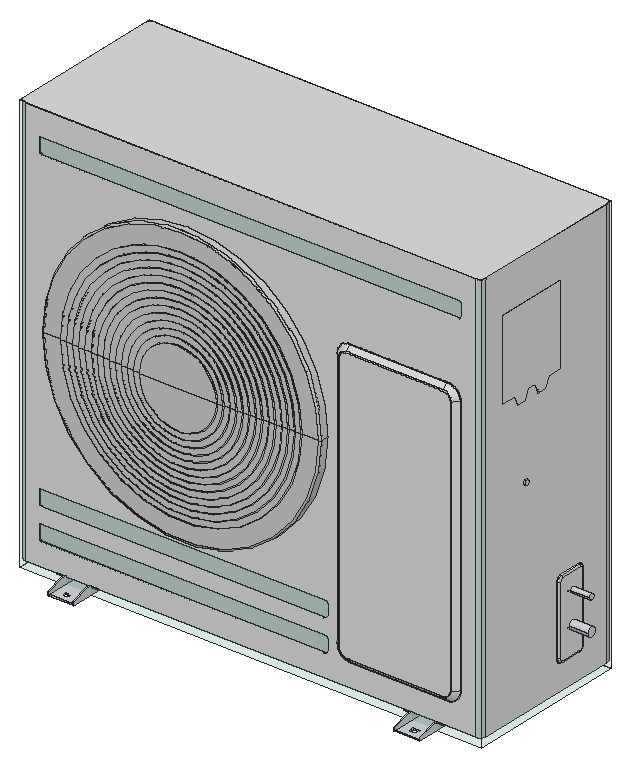
Revit family "EU_EHS_ODU_P", category Mechanical Equipment, Revit 2015
Parameters (values of type "8.00 kW, 220-240V, HEAT PUMP, TDM")
  Water Flow Rate(HEATING) [instance] = "0.00 LPM"
  Water Flow Rate(COOLING) [instance] = "0.00 LPM"
  Water Connection Radius [instance] = "0.00 mm"
  Model = "RD080PHXEA"
  Voltage [instance] = "220-240 V"
  URL = "www.samsung.com"
  Total Heating Capacity [instance] = 6.98 kW
  Total Cooling Capacity [instance] = 7.53 kW
  System Served = ""
  Subscribe for Update Alerts = ""
  Sound Pressure(Cooling) [instance] = "50.00 dB(A)"
  Sound Power(Cooling) [instance] = "64.00 dB(A)"
  Simultaneous Cooling and Heating Efficiency(SCOP) [instance] = "0.00 SCOP"
  Serial Number = ""
  Sales Rep Locator = ""
  Refrigerant Type = "R410A"
  Refrigerant Suction Gas Connection Radius [instance] = Refrigerant Suction Gas Connection Diameter / 2  # 7.94 mm
  Refrigerant Suction Gas Connection Offset Left [instance] = 208.678 mm
  Refrigerant Suction Gas Connection Offset Bottom [instance] = 121.50 mm
  Refrigerant Suction Gas Connection Diameter [instance] = 15.88 mm
  Refrigerant Liquid Connection Radius [instance] = Refrigerant Liquid Connection Diameter / 2  # 4.76 mm
  Refrigerant Liquid Connection Offset Left [instance] = 208.678 mm
  Refrigerant Liquid Connection Offset Bottom [instance] = 181.50 mm
  Refrigerant Liquid Connection Diameter [instance] = 9.52 mm
  Refrigerant Charge [instance] = 2.20 kg
  Product Page URL = ""
  Product Name [instance] = "EHS TDM"
  Product Documentation Link = ""
  Power Input Heationg [instance] = 1.97 kW
  Power Input Cooling [instance] = 2.57 kW
  Phase [instance] = "1"
  Operating Mode [instance] = "HEAT PUMP (A2W)"
  Number of poles [instance] = "-"
  Notes = ""
  Net Weight = 71.00 kg
  Minimum Circuit Ampere(MCA) [instance] = 22.5 A
  Maximum Vertical Refrigerant Pipe Length Below Unit [instance] = "0.00 m"
  Maximum Vertical Refrigerant Pipe Length Above Unit [instance] = "0.00 m"
  Maximum Rated Over Protection Device [instance] = "Fuse"
  Maximum Over Protection(MFA) [instance] = 18 A
  Max OperationPressure [instance] = "0.00 Mpa"
  Manufacturer Metadata = ""
  Manufacturer = "SAMSUNG"
  Low Temperature Heating Standard Rating Capacity [instance] = 0.0 kW
  Low Temperature Coefficient of Performance [instance] = "-"
  Location = ""
  Length of Interconnecting Refrigerant Pipe [instance] = 0.00 mm
  Integrated Energy Efficiency Ratio(SEER) [instance] = "0.00 SEER"
  High and Low Pressure Gas Connection Offset Left [instance] = 0.00 mm
  High and Low Pressure Gas Connection Offset Bottom [instance] = 0.00 mm
  High and Low Pressure Gas Connection Diameter [instance] = 0.00 mm
  High Temperature Cooling Standard Rating Capacity [instance] = 0.0 kW
  High Temperature Coefficient of Performance [instance] = "-"
  Friction Head Loss [instance] = "0.00 kPa"
  Frequency [instance] = 50 Hz
  Free Content Downloads = ""
  Family Load Status [instance] = "Valid - Type loaded via type catalog"
  External Static Pressure [instance] = "0.00 mmAq"
  Equipment Finish [instance] = Ivory
  Energy Efficiency Rating [instance] = "3.12 EER"
  Discharge Air Flow [instance] = "0300 CMM"
  Designation = ""
  Design Ambient Winter Wet Bulb Temperature [instance] = 6 °C
  Design Ambient Winter Dry Bulb Temperature [instance] = 7 °C
  Design Ambient Summer Dry Bulb Temperature [instance] = 35 °C
  Design Ambient Heating Water Outlet Temperature [instance] = "0.00 ℃"
  Design Ambient Heating Water Inlet Temperature [instance] = "0.00 ℃"
  Design Ambient Cooling Water Outlet Temperature [instance] = "0.00 ℃"
  Design Ambient Cooling Water Inlet Temperature [instance] = "0.00 ℃"
  Current Input Cooling [instance] = 8.7 A
  Current Input Heating [instance] = 11.4 A
  ect radius_1 = 11.43 mm
  ect radius_2 = 2.00 mm
  Void Depth = 45.72 mm
  Net Dimensions Width [instance] = 880.00 mm
  Net Dimensions Heigh [instance] = 798.00 mm
  Net Dimensions Depth [instance] = 310.00 mm
  Power Connection Offset Left [instance] = 101.01 mm
  Power Connection Offset Bottom [instance] = 410.93 mm
  Power Connection Diameter [instance] = 7.413 mm
  Condenser Type [instance] = ""
  Compressor Type [instance] = "BLDC Twin Rotary"
  Combination Ratio [instance] = "0 %"
  Coefficient of Performance [instance] = "4.05 COP"
  Clearance Value Instructions [instance] = "Enter clearance values based on project installation conditions using the relevant technical data book\r\nEnter clearance values based on project installation conditions using the relevant technical data book"
  Clearance Type [instance] = Include Clearance : Include Clearance
  Clearance Offset Top [instance] = 0.00 mm
  Clearance Offset Right [instance] = 0.00 mm
  Clearance Offset Left [instance] = 0.00 mm
  Clearance Offset Front [instance] = 0.00 mm
  Clearance Offset Back [instance] = 0.00 mm
  Actual Vertical Refrigerant Pipe Length Below Unit [instance] = 0.00 mm
  Actual Vertical Refrigerant Pipe Length Above Unit [instance] = 0.00 mm
Types (6, lengths in mm): name | Model | Total Heating Capacity | Total Cooling Capacity | Sound Pressure(Cooling) | Sound Power(Cooling) | Refrigerant Charge | Product Name | Power Input Heationg | Power Input Cooling | Net Weight | Minimum Circuit Ampere(MCA) | Maximum Over Protection(MFA) | Energy Efficiency Rating | Discharge Air Flow | Current Input Cooling | Current Input Heating | Coefficient of Performance | Clearance Type
  (no name) | "RD080PHXEA" | 6.98 kW | 7.53 kW | "50.00 dB(A)" | "64.00 dB(A)" | 2.20 kg | "EHS TDM" | 1.97 kW | 2.57 kW | 71.00 kg | 22.5 A | 18 A | "3.12 EER" | "0300 CMM" | 8.7 A | 11.4 A | "4.05 COP" | Include Clearance : Include Clearance
  4.40 kW, 220-240V, HEAT PUMP, TDM PLUS | "AE044MXTPEH/EU" | 4.4 kW | 5.1 kW | "46.00 dB(A)" | "65.00 dB(A)" | 2.60 kg | "EHS TDM PLUS" | 0.93 kW | 1.03 kW | 53.00 kg | 18 A | 25 A | "3.40 EER" | "45.00 CMM" | 4.3 A | 4.9 A | "3.45 COP" | Include Clearance : Include Clearance
  5.00 kW, 220-240V, HEAT PUMP, MONO | "AE050JXYDEH/EU" | 5.0 kW | 5.0 kW | "45.00 dB(A)" | "62.00 dB(A)" | 1.15 kg | "EHS MONO" | 1.06 kW | 1.21 kW | 59.00 kg | 20 A | 25 A | "4.13 EER" | "51.00 CMM" | 5.1 A | 5.7 A | "4.72 COP" | Do not Include Clearance : Do not Include Clearance
  6.00 kW, 220-240V, HEAT PUMP, TDM | "RD060PHXEA" | 5.99 kW | 7.02 kW | "48.00 dB(A)" | "60.00 dB(A)" | 2.20 kg | "EHS TDM" | 1.36 kW | 1.99 kW | 71.00 kg | 16.88 A | 13.5 A | "3.53 EER" | "0300 CMM" | 6 A | 8.8 A | "4.40 COP" | Include Clearance : Include Clearance
  7.00 kW, 220-240V, HEAT PUMP, TDM | "RD070PHXEA" | 6.98 kW | 7.53 kW | "48.00 dB(A)" | "61.00 dB(A)" | 2.20 kg | "EHS TDM" | 1.64 kW | 2.24 kW | 71.00 kg | 20 A | 16 A | "3.36 EER" | "0300 CMM" | 7.5 A | 10.3 A | "4.26 COP" | Include Clearance : Include Clearance
  8.00 kW, 220-240V, HEAT PUMP, TDM | "RD080PHXEA" | 6.98 kW | 7.53 kW | "50.00 dB(A)" | "64.00 dB(A)" | 2.20 kg | "EHS TDM" | 1.97 kW | 2.57 kW | 71.00 kg | 22.5 A | 18 A | "3.12 EER" | "0300 CMM" | 8.7 A | 11.4 A | "4.05 COP" | Include Clearance : Include Clearance
Reference planes
  plane 1 "Center (Front/Back)": y = 0
  plane 2: z = 0
  plane 3 "Center (Left/Right)": x = 0
  plane 4 "c": x = -440
  plane 5 "d": x = 440
  plane 6: x = -329.514
  plane 7: x = 330.712
  plane 8 "1": z = 428.174
  plane 9: x = -119.774
  plane 10: y = 54.771
  plane 11 "2": z = 181.5
  plane 12 "3": z = 121.5
  plane 13: z = 410.933
  plane 14 "b": y = -155
  plane 15 "a": y = 155
  plane 16: z = 798
  plane 17: y = -199.628
  plane 18: y = -153.908
  plane 19: z = 410.93
  plane 20: x = 541.01
  plane 21: z = 410.93
Forms (mm)
  Extrusion 1, solid, material "기본값1"
    sketch origin (0, 0, 0) x (1, 0, 0) y (0, 1, 0)
      loop
        arc (-428.57, 155) -> (-436.652, 151.652) -> (-440, 143.57) r 11.43
        line (-440, 143.57) -> (-440, -143.57)
        arc (-440, -143.57) -> (-436.652, -151.652) -> (-428.57, -155) r 11.43
        line (-428.57, -155) -> (428.584, -155)
        arc (428.584, -155) -> (436.463, -151.851) -> (440, -144.138) r 11.43
        line (440, -144.138) -> (440, 142.435)
        arc (440, 142.435) -> (437.101, 151.24) -> (428.626, 155) r 11.43
        line (428.626, 155) -> (-428.57, 155)
    from 15.6 to 798
  Extrusion 2, solid
    sketch origin (0, 0, 0) x (1, 0, 0) y (0, 1, 0)
      loop
        line (-353.357, 175.965) -> (-353.357, -195.036) -> (-306.747, -195.036) -> (-306.747, 175.965) -> (-353.357, 175.965)
      loop
        line (353.479, 175.965) -> (306.868, 175.965) -> (306.868, -195.036) -> (353.479, -195.036) -> (353.479, 175.965)
    from 0 to 2
  Extrusion 3, solid
    sketch origin (0, 0, 0) x (1, 0, 0) y (0, 0, 1)
      loop
        line (-369.294, 15.6) -> (-369.294, 14) -> (-355.104, 14) -> (-355.104, 15.6) -> (-369.294, 15.6)
      loop
        line (-290.81, 15.6) -> (-305, 15.6) -> (-305, 14) -> (-290.81, 14) -> (-290.81, 15.6)
      loop
        line (290.932, 15.6) -> (290.932, 14) -> (305.121, 14) -> (305.121, 15.6) -> (290.932, 15.6)
      loop
        line (369.416, 15.6) -> (355.226, 15.6) -> (355.226, 14) -> (369.416, 14) -> (369.416, 15.6)
    from -155 to 155
  Extrusion 4, solid
    sketch origin (0, 0, 0) x (0, 1, 0) y (0, 0, 1)
      loop
        line (-195.036, 5) -> (-195.036, 0) -> (177.021, 0) -> (177.021, 4.931) -> (142.88, 15.6) -> (-161.116, 15.6) -> (-195.036, 5)
    from 353.479 to 355.226
  Extrusion 5, solid
    sketch origin (-48.357, 0.079, 0) x (0, 1, 0) y (0, 0, 1)
      loop
        line (-195.036, 5) -> (-195.036, 0) -> (177.021, 0) -> (177.021, 4.931) -> (142.88, 15.6) -> (-161.116, 15.6) -> (-195.036, 5)
    from 353.479 to 355.226
  Extrusion 6, solid
    sketch origin (0.121, 0, 0) x (0, 1, 0) y (0, 0, -1)
      loop
        line (-195.036, -5) -> (-161.116, -15.6) -> (142.88, -15.6) -> (177.021, -4.931) -> (177.021, 0) -> (-195.036, 0) -> (-195.036, -5)
    from 353.479 to 355.226
  Extrusion 7, solid
    sketch origin (48.479, 0.079, 0) x (0, 1, 0) y (0, 0, -1)
      loop
        line (-195.036, -5) -> (-161.116, -15.6) -> (142.88, -15.6) -> (177.021, -4.931) -> (177.021, 0) -> (-195.036, 0) -> (-195.036, -5)
    from 353.479 to 355.226
  Extrusion 8, void
    sketch origin (0, 0, 0) x (1, 0, 0) y (0, 1, 0)
      loop
        arc (-323.514, 160.947) -> (-329.514, 166.947) -> (-335.514, 160.947) r 6
        line (-335.514, 160.947) -> (-335.514, 156.918) -> (-323.514, 156.918) -> (-323.514, 160.947)
    from -33.724 to 26.6
  Extrusion 9, void
    sketch origin (1.191, 0, 0) x (-1, 0, 0) y (0, -1, 0)
      loop
        line (-323.635, -162.019) -> (-323.635, -156.918) -> (-335.635, -156.918) -> (-335.635, -162.019)
        arc (-335.635, -162.019) -> (-329.635, -168.019) -> (-323.635, -162.019) r 6
    from -33.724 to 26.6
  Extrusion 10, void
    sketch origin (0, -18.909, 0) x (1, 0, 0) y (0, 1, 0)
      loop
        line (-323.514, -160.947) -> (-323.514, -156.918) -> (-335.514, -156.918) -> (-335.514, -160.947)
        arc (-335.514, -160.947) -> (-329.514, -166.947) -> (-323.514, -160.947) r 6
    from -33.724 to 26.6
  Extrusion 11, void
    sketch origin (1.191, -16.794, 0) x (-1, 0, 0) y (0, -1, 0)
      loop
        arc (-323.635, 162.019) -> (-329.635, 168.019) -> (-335.635, 162.019) r 6
        line (-335.635, 162.019) -> (-335.635, 156.918) -> (-323.635, 156.918) -> (-323.635, 162.019)
    from -33.724 to 26.6
  Revolve 12, solid, material "기본값2"
    sketch origin (0, 0, 428.174) x (0, -1, 0) y (1, 0, 0)
      loop
        line (155, -385.655) -> (167.929, -385.655)
        arc (167.929, -385.655) -> (170.091, -384.76) -> (170.987, -382.598) r 3.058
        line (170.987, -382.598) -> (170.987, -349.57) -> (171.487, -348.704) -> (171.487, -337.511) -> (171.987, -336.645) -> (171.987, -325.493) -> (172.487, -324.627) -> (172.487, -313.499) -> (172.987, -312.633) -> (172.987, -301.474) -> (173.487, -300.608) -> (173.487, -289.441) -> (173.987, -288.575) -> (173.987, -277.493) -> (174.487, -276.627) -> (174.487, -265.461) -> (174.987, -264.747) -> (174.987, -253.46) -> (175.486, -252.821) -> (175.486, -241.442) -> (175.987, -240.802) -> (175.987, -229.459) -> (176.487, -228.819) -> (176.487, -217.464) -> (176.987, -216.75) -> (176.987, -205.435) -> (177.487, -204.721) -> (177.487, -193.482) -> (177.987, -192.768) -> (177.987, -119.774) -> (155, -119.774) -> (155, -385.655)
      axis (177.987, -119.774) -> (155, -119.774)
    angle from 0 to 360
  Extrusion 13, void
    sketch origin (0, 0, 0) x (1, 0, 0) y (0, 0, 1)
      loop
        line (-403, 745.45) -> (-403, 724.45)
        arc (-403, 724.45) -> (-401.536, 720.914) -> (-398, 719.45) r 5
        line (-398, 719.45) -> (396.994, 719.45)
        arc (396.994, 719.45) -> (400.53, 720.914) -> (401.994, 724.45) r 5
        line (401.994, 724.45) -> (401.994, 745.45)
        arc (401.994, 745.45) -> (400.53, 748.986) -> (396.994, 750.45) r 5
        line (396.994, 750.45) -> (-398, 750.45)
        arc (-398, 750.45) -> (-401.536, 748.986) -> (-403, 745.45) r 5
      loop
        line (-403, 144.046) -> (-403, 123.046)
        arc (-403, 123.046) -> (-401.536, 119.51) -> (-398, 118.046) r 5
        line (-398, 118.046) -> (143, 118.046)
        arc (143, 118.046) -> (146.536, 119.51) -> (148, 123.046) r 5
        line (148, 123.046) -> (148, 144.046)
        arc (148, 144.046) -> (146.536, 147.581) -> (143, 149.046) r 5
        line (143, 149.046) -> (-398, 149.046)
        arc (-398, 149.046) -> (-401.536, 147.581) -> (-403, 144.046) r 5
      loop
        line (143, 89.846) -> (-398, 89.846)
        arc (-398, 89.846) -> (-401.536, 88.381) -> (-403, 84.846) r 5
        line (-403, 84.846) -> (-403, 63.846)
        arc (-403, 63.846) -> (-401.536, 60.31) -> (-398, 58.846) r 5
        line (-398, 58.846) -> (143, 58.846)
        arc (143, 58.846) -> (146.536, 60.31) -> (148, 63.846) r 5
        line (148, 63.846) -> (148, 84.846)
        arc (148, 84.846) -> (146.536, 88.381) -> (143, 89.846) r 5
    from 153.908 to 199.628
  Extrusion 14, solid, material "기본값1"
    sketch origin (0, 0, 0) x (1, 0, 0) y (0, 0, 1)
      loop
        arc (190, 591.932) -> (180.396, 587.954) -> (176.418, 578.35) r 13.582
        line (176.418, 578.35) -> (176.418, 83.846)
        arc (176.418, 83.846) -> (180.396, 74.242) -> (190, 70.264) r 13.582
        line (190, 70.264) -> (375, 70.264)
        arc (375, 70.264) -> (384.604, 74.242) -> (388.582, 83.846) r 13.582
        line (388.582, 83.846) -> (388.582, 578.35)
        arc (388.582, 578.35) -> (384.604, 587.954) -> (375, 591.932) r 13.582
        line (375, 591.932) -> (190, 591.932)
    from 155 to 165
  Extrusion 15, solid
    sketch origin (459.529, 0, 0) x (0, 0, -1) y (0, -1, 0)
      loop
        circle (-410.933, 52.898) r 3.706
    from 14.353 to 19.529
  Sweep 16, solid, material "기본값1"
    path origin (0, -155, 0) x (0, 0, -1) y (1, 0, 0)
      loop
        line (-591.932, 375) -> (-591.932, 190)
        arc (-591.932, 190) -> (-587.954, 180.396) -> (-578.35, 176.418) r 13.582
        line (-578.35, 176.418) -> (-83.846, 176.418)
        arc (-83.846, 176.418) -> (-74.242, 180.396) -> (-70.264, 190) r 13.582
        line (-70.264, 190) -> (-70.264, 375)
        arc (-70.264, 375) -> (-74.242, 384.604) -> (-83.846, 388.582) r 13.582
        line (-83.846, 388.582) -> (-578.35, 388.582)
        arc (-578.35, 388.582) -> (-587.954, 384.604) -> (-591.932, 375) r 13.582
    profile origin (282.5, -155, 591.932) x (0, 0, -1) y (0, -1, 0)
      loop
        arc (-10.243, 0.586) -> (-10.891, 0.152) -> (-11.657, 0) r 2
        line (-11.657, 0) -> (0, 0) -> (0, 10)
        arc (0, 10) -> (-0.765, 9.848) -> (-1.414, 9.414) r 2
        line (-1.414, 9.414) -> (-10.243, 0.586)
  Extrusion 17, solid, material "기본값1"
    sketch origin (-39.198, 0, 0) x (0, 1, 0) y (0, 0, 1)
      loop
        arc (32.101, 210.358) -> (29.144, 209.133) -> (27.918, 206.175) r 4.183
        line (27.918, 206.175) -> (27.918, 76.22)
        arc (27.918, 76.22) -> (30.08, 71.001) -> (35.299, 68.84) r 7.38
        line (35.299, 68.84) -> (72.368, 68.84)
        arc (72.368, 68.84) -> (76.859, 70.699) -> (78.718, 75.19) r 6.35
        line (78.718, 75.19) -> (78.718, 206.191)
        arc (78.718, 206.191) -> (77.498, 209.137) -> (74.551, 210.358) r 4.167
        line (74.551, 210.358) -> (32.101, 210.358)
    from 479.198 to 483.782
  Sweep 18, solid, material "기본값1"
    path origin (440, 0, 0) x (0, -1, 0) y (0, 0, 1)
      loop
        line (-32.101, 210.358) -> (-74.551, 210.358)
        arc (-74.551, 210.358) -> (-77.498, 209.137) -> (-78.718, 206.191) r 4.167
        line (-78.718, 206.191) -> (-78.718, 75.19)
        arc (-78.718, 75.19) -> (-76.859, 70.699) -> (-72.368, 68.84) r 6.35
        line (-72.368, 68.84) -> (-35.299, 68.84)
        arc (-35.299, 68.84) -> (-30.08, 71.001) -> (-27.918, 76.22) r 7.38
        line (-27.918, 76.22) -> (-27.918, 206.175)
        arc (-27.918, 206.175) -> (-29.144, 209.133) -> (-32.101, 210.358) r 4.183
    profile origin (440, 53.326, 210.358) x (0, 0, -1) y (-1, 0, 0)
      loop
        line (0, 0) -> (-5.766, 0) -> (-3.815, -2.611)
        arc (-3.815, -2.611) -> (-2.147, -4.017) -> (0, -4.409) r 4.249
        line (0, -4.409) -> (0, 0)
  Extrusion 19, solid, material "기본값1"
    sketch origin (440, 0, 0) x (0, -1, 0) y (0, 0, 1)
      loop
        line (107.647, 719) -> (-29.271, 719) -> (-29.271, 713.347) -> (-28.471, 713.347) -> (-28.471, 588.947) -> (-29.271, 588.947) -> (-29.271, 567.6) -> (-1.271, 567.6) -> (6.229, 549.6) -> (22.229, 549.6) -> (29.729, 567.6) -> (46.729, 567.6) -> (54.229, 549.6) -> (70.229, 549.6) -> (77.729, 567.6) -> (107.647, 567.6) -> (107.647, 588.947) -> (106.847, 588.947) -> (106.847, 710.447) -> (107.647, 710.447) -> (107.647, 719)
    from -2.191 to 0
  Extrusion 20, solid
    sketch origin (440, 0, 0) x (0, -1, 0) y (0, 0, 1)
      loop
        circle (-54.771, 181.5) r 4.76
    from 0 to -42
  Extrusion 21, solid
    sketch origin (440, 0, 0) x (0, -1, 0) y (0, 0, 1)
      loop
        circle (-54.771, 121.5) r 7.94
    from 0 to -42
Cuts and joins
  Extrusion 8, Extrusion 9, Extrusion 10, Extrusion 11, Extrusion 13 cuts Extrusion 1
  Extrusion 8, Extrusion 9, Extrusion 10, Extrusion 11 cuts Extrusion 2
Lines and regions (mm)
  model lines
    curve 1: line (457.702, 0, 175.15) -> (468.686, 0, 175.15)
    curve 2: line (453.554, 0, 129) -> (464.672, 0, 129)
Dimensions and locks
  "Net Dimensions Width": plane 4 "c" to plane 5 "d"
  plane 6 to plane 7 = 660.226 mm
  equal spacing: plane 4 "c", plane 3 "Center (Left/Right)", plane 5 "d"
  "Net Dimensions Depth": plane 14 "b" to plane 15 "a"
  plane 14 "b" to plane 15 "a" = 310.00 mm
  equal spacing: plane 14 "b", plane 1 "Center (Front/Back)", plane 15 "a"
  "Net Dimensions Heigh": plane 16 to level
  locked: Revolve 12 sketch curve to Revolve 12 sketch curve at 265.881
  locked: Extrusion 14 to Extrusion 14 at 10
  locked: cut or joined group of Extrusion 1, Extrusion 8, Extrusion 9, Extrusion 10, Extrusion 11, Extrusion 13 to Extrusion 17 at 4.584
  locked: plane 5 "d" to Extrusion 15 at 5.176
  "Void Depth": plane 17 to plane 18
  locked: plane 14 "b" to plane 18 at 1.092
  locked: plane 5 "d" to Extrusion 19 at 2.191
  "Power Connection Offset Bottom": plane 19 to level
  "Power Connection Offset Left": plane 5 "d" to plane 20
  "Refrigerant Liquid Connection Offset Left": plane 18 to Extrusion 20 sketch curve
  "Refrigerant Suction Gas Connection Offset Left": plane 18 to Extrusion 21 sketch curve
  "Refrigerant Suction Gas Connection Offset Bottom": plane 12 "3" to level
  "Refrigerant Liquid Connection Offset Bottom": plane 11 "2" to level
  "Power Connection Offset Left": plane 18 to Extrusion 15 sketch curve
  locked: Extrusion 17 sketch curve to Extrusion 17 sketch curve at 50.8
  locked: plane 18 to Extrusion 17 sketch curve at 181.826
  locked: Sweep 18 sketch curve to Sweep 18 sketch curve at 50.8
  locked: plane 18 to Sweep 18 sketch curve at 181.826
  "Power Connection Offset Bottom": plane 21 to level
  "ect radius_1": radius of Extrusion 1 sketch curve  (x4)
  "Refrigerant Liquid Connection Diameter": diameter of Extrusion 20 sketch curve
  "Refrigerant Suction Gas Connection Diameter": diameter of Extrusion 21 sketch curve
  "Power Connection Diameter": diameter of Extrusion 15 sketch curve
  radius of Extrusion 17 sketch curve = 4.183 mm
  radius of Extrusion 17 sketch curve = 4.167 mm
  radius of Extrusion 17 sketch curve = 7.38 mm
  radius of Extrusion 17 sketch curve = 6.35 mm
  radius of Sweep 18 sketch curve = 4.183 mm
  radius of Sweep 18 sketch curve = 4.167 mm
  radius of Sweep 18 sketch curve = 7.38 mm
  radius of Sweep 18 sketch curve = 6.35 mm
  aligned and locked: level to plane 2
  aligned and locked: Extrusion 1 sketch curve to plane 14 "b"
  aligned and locked: plane 15 "a" to Extrusion 1 sketch curve
  aligned and locked: Extrusion 1 sketch curve to plane 4 "c"
  aligned and locked: plane 5 "d" to Extrusion 1 sketch curve
  aligned and locked: cut or joined group of Extrusion 1, Extrusion 8, Extrusion 9, Extrusion 10, Extrusion 11, Extrusion 13 to plane 16
  aligned and locked: plane 14 "b" to Revolve 12 sketch curve
  aligned and locked: Extrusion 3 to plane 15 "a"
  aligned and locked: plane 14 "b" to Extrusion 3
  aligned and locked: plane 5 "d" to Extrusion 15
  aligned and locked: Extrusion 14 to Extrusion 3
  aligned and locked: plane 5 "d" to Extrusion 17
  aligned and locked: Extrusion 15 to cut or joined group of Extrusion 1, Extrusion 8, Extrusion 9, Extrusion 10, Extrusion 11, Extrusion 13
  aligned and locked: Extrusion 13 to plane 17
  aligned and locked: Extrusion 13 to plane 18
  aligned and locked: plane 5 "d" to Extrusion 19
  aligned and locked: plane 1 "Center (Front/Back)" to nested 1
  aligned and locked: plane 3 "Center (Left/Right)" to nested 1
Automatic sketch dimensions
  curve 2 to plane 5 "d" = 13.554 mm
  plane 12 "3" to curve 2 = 7.50 mm
  curve 1 to plane 11 "2" = 6.35 mm
  curve 1 to plane 5 "d" = 17.702 mm
  curve 2 to curve 2 = 11.118 mm
  curve 1 to curve 1 = 10.985 mm
  Extrusion 1 sketch curve to Extrusion 1 sketch curve = 11.416 mm
  Extrusion 1 sketch curve to Extrusion 1 sketch curve = 11.374 mm
  plane 17 to Extrusion 2 sketch curve = 4.592 mm  (x2)
  plane 6 to Extrusion 2 sketch curve = 23.843 mm
  Extrusion 2 sketch curve to plane 6 = 22.767 mm
  plane 7 to Extrusion 2 sketch curve = 23.843 mm
  Extrusion 2 sketch curve to plane 7 = 22.767 mm
  Extrusion 2 sketch curve to plane 15 "a" = 20.965 mm  (x2)
  level to Extrusion 3 sketch curve = 14.00 mm  (x3)
  plane 6 to Extrusion 3 sketch curve = 39.78 mm
  Extrusion 3 sketch curve to Extrusion 3 sketch curve = 14.19 mm  (x4)
  Extrusion 3 sketch curve to plane 6 = 24.514 mm
  level to Extrusion 3 sketch curve = 15.60 mm
  plane 7 to Extrusion 3 sketch curve = 39.78 mm
  Extrusion 3 sketch curve to plane 7 = 24.514 mm
  Extrusion 3 sketch curve to Extrusion 3 sketch curve = 1.60 mm  (x4)
  Extrusion 4 sketch curve to level = 0.00 mm
  plane 17 to Extrusion 4 sketch curve = 4.592 mm
  plane 14 "b" to Extrusion 4 sketch curve = 6.116 mm
  plane 15 "a" to Extrusion 4 sketch curve = 12.12 mm
  level to Extrusion 4 sketch curve = 4.931 mm
  Extrusion 4 sketch curve to plane 15 "a" = 22.021 mm
  level to Extrusion 4 sketch curve = 5.00 mm
  level to Extrusion 4 sketch curve = 15.60 mm
  Extrusion 5 sketch curve to level = 0.00 mm
  plane 17 to Extrusion 5 sketch curve = 4.67 mm
  plane 14 "b" to Extrusion 5 sketch curve = 6.038 mm
  plane 15 "a" to Extrusion 5 sketch curve = 12.041 mm
  level to Extrusion 5 sketch curve = 4.931 mm
  Extrusion 5 sketch curve to plane 15 "a" = 22.10 mm
  Extrusion 5 sketch curve to Extrusion 5 sketch curve = 5.00 mm
  level to Extrusion 5 sketch curve = 15.60 mm
  Extrusion 6 sketch curve to level = 0.00 mm
  plane 17 to Extrusion 6 sketch curve = 4.592 mm
  plane 14 "b" to Extrusion 6 sketch curve = 6.116 mm
  plane 15 "a" to Extrusion 6 sketch curve = 12.12 mm
  level to Extrusion 6 sketch curve = 4.931 mm
  Extrusion 6 sketch curve to plane 15 "a" = 22.021 mm
  Extrusion 6 sketch curve to Extrusion 6 sketch curve = 5.00 mm
  level to Extrusion 6 sketch curve = 15.60 mm
  Extrusion 7 sketch curve to level = 0.00 mm
  plane 17 to Extrusion 7 sketch curve = 4.67 mm
  plane 14 "b" to Extrusion 7 sketch curve = 6.038 mm
  plane 15 "a" to Extrusion 7 sketch curve = 12.041 mm
  level to Extrusion 7 sketch curve = 4.931 mm
  Extrusion 7 sketch curve to plane 15 "a" = 22.10 mm
  level to Extrusion 7 sketch curve = 5.00 mm
  level to Extrusion 7 sketch curve = 15.60 mm
  Extrusion 8 sketch curve to plane 6 = 0.00 mm
  Extrusion 8 sketch curve to plane 15 "a" = 1.918 mm
  plane 6 to Extrusion 8 sketch curve = 6.00 mm
  Extrusion 8 sketch curve to Extrusion 8 sketch curve = 4.029 mm
  plane 15 "a" to Extrusion 9 sketch curve = 1.918 mm
  plane 7 to Extrusion 9 sketch curve = 6.114 mm
  plane 7 to Extrusion 9 sketch curve = 0.114 mm
  Extrusion 9 sketch curve to Extrusion 9 sketch curve = 5.101 mm
  Extrusion 10 sketch curve to plane 6 = 0.00 mm
  Extrusion 10 sketch curve to plane 6 = 6.00 mm
  Extrusion 10 sketch curve to plane 14 "b" = 20.827 mm
  Extrusion 10 sketch curve to Extrusion 10 sketch curve = 4.029 mm
  Extrusion 11 sketch curve to plane 7 = 6.114 mm
  Extrusion 11 sketch curve to plane 7 = 0.114 mm
  plane 14 "b" to Extrusion 11 sketch curve = 18.712 mm
  Extrusion 11 sketch curve to Extrusion 11 sketch curve = 5.101 mm
  Revolve 12 sketch curve to plane 9 = 0.00 mm  (x2)
  plane 14 "b" to Revolve 12 sketch curve = 12.929 mm
  plane 14 "b" to Revolve 12 sketch curve = 15.987 mm
  Revolve 12 sketch curve to Revolve 12 sketch curve = 0.50 mm  (x11)
  Revolve 12 sketch curve to plane 6 = 4.021 mm
  Revolve 12 sketch curve to Revolve 12 sketch curve = 0.499 mm
  Revolve 12 sketch curve to Revolve 12 sketch curve = 0.501 mm
  plane 17 to Revolve 12 sketch curve = 21.641 mm
  plane 6 to Revolve 12 sketch curve = 20.056 mm
  Revolve 12 sketch curve to Revolve 12 sketch curve = 0.866 mm  (x7)
  plane 6 to Revolve 12 sketch curve = 7.996 mm
  Revolve 12 sketch curve to Revolve 12 sketch curve = 11.127 mm
  Revolve 12 sketch curve to Revolve 12 sketch curve = 11.159 mm
  Revolve 12 sketch curve to Revolve 12 sketch curve = 11.167 mm
  Revolve 12 sketch curve to Revolve 12 sketch curve = 11.082 mm
  Revolve 12 sketch curve to Revolve 12 sketch curve = 11.165 mm
  Revolve 12 sketch curve to Revolve 12 sketch curve = 0.714 mm  (x4)
  Revolve 12 sketch curve to Revolve 12 sketch curve = 11.287 mm
  Revolve 12 sketch curve to Revolve 12 sketch curve = 0.639 mm
  Revolve 12 sketch curve to Revolve 12 sketch curve = 11.379 mm
  Revolve 12 sketch curve to Revolve 12 sketch curve = 0.641 mm
  Revolve 12 sketch curve to Revolve 12 sketch curve = 11.343 mm
  Revolve 12 sketch curve to Revolve 12 sketch curve = 0.64 mm
  Revolve 12 sketch curve to Revolve 12 sketch curve = 11.355 mm
  Revolve 12 sketch curve to Revolve 12 sketch curve = 11.315 mm
  Revolve 12 sketch curve to Revolve 12 sketch curve = 11.239 mm
  Revolve 12 sketch curve to plane 15 "a" = 3295.648 mm
  Revolve 12 sketch curve to plane 17 = 3304.216 mm
  plane 12 "3" to Extrusion 13 sketch curve = 1.546 mm  (x2)
  Extrusion 13 sketch curve to plane 4 "c" = 37.00 mm  (x3)
  Extrusion 13 sketch curve to Extrusion 13 sketch curve = 5.00 mm  (x7)
  Extrusion 13 sketch curve to plane 12 "3" = 3.454 mm
  plane 12 "3" to Extrusion 13 sketch curve = 27.546 mm
  plane 3 "Center (Left/Right)" to Extrusion 13 sketch curve = 143.00 mm
  Extrusion 13 sketch curve to Extrusion 13 sketch curve = 0.00 mm  (x4)
  plane 5 "d" to Extrusion 13 sketch curve = 43.006 mm
  Extrusion 13 sketch curve to Extrusion 13 sketch curve = 28.20 mm
  Extrusion 13 sketch curve to Extrusion 13 sketch curve = 21.00 mm  (x2)
  plane 16 to Extrusion 13 sketch curve = 78.55 mm
  Extrusion 14 sketch curve to plane 12 "3" = 37.654 mm
  plane 7 to Extrusion 14 sketch curve = 154.293 mm
  Extrusion 14 sketch curve to Extrusion 14 sketch curve = 13.582 mm  (x3)
  Extrusion 14 sketch curve to plane 7 = 44.288 mm  (x2)
  Extrusion 14 sketch curve to plane 8 "1" = 150.176 mm
  Sweep 16 sketch curve to plane 7 = 44.288 mm
  Sweep 16 sketch curve to plane 8 "1" = 163.758 mm
  Sweep 16 sketch curve to Sweep 16 sketch curve = 13.582 mm  (x3)
  Sweep 16 sketch curve to plane 12 "3" = 37.654 mm  (x2)
  plane 7 to Sweep 16 sketch curve = 140.712 mm
  Sweep 16 sketch curve to plane 14 "b" = 0.00 mm
  Sweep 16 sketch curve to profile plane = 0.00 mm
  profile plane to Sweep 16 sketch curve = 1.414 mm
  plane 14 "b" to Sweep 16 sketch curve = 0.586 mm
  profile plane to Sweep 16 sketch curve = 10.243 mm
  Sweep 16 sketch curve to Sweep 16 sketch curve = 1.414 mm  (x2)
  plane 14 "b" to Sweep 16 sketch curve = 2.00 mm
  Sweep 16 sketch curve to Sweep 16 sketch curve = 8.00 mm
  Sweep 16 sketch curve to Sweep 16 sketch curve = 0.00 mm
  Sweep 18 sketch curve to plane 12 "3" = 52.66 mm
  plane 11 "2" to Sweep 18 sketch curve = 24.675 mm
  plane 5 "d" to Sweep 18 sketch curve = 0.00 mm
  Sweep 18 sketch curve to profile plane = 0.00 mm
  profile plane to Sweep 18 sketch curve = 0.335 mm
  profile plane to Sweep 18 sketch curve = 3.815 mm
  Sweep 18 sketch curve to Sweep 18 sketch curve = 1.95 mm
  Sweep 18 sketch curve to plane 5 "d" = 0.174 mm
  Sweep 18 sketch curve to plane 5 "d" = 2.611 mm
  Extrusion 19 sketch curve to Extrusion 19 sketch curve = 0.80 mm  (x4)
  Extrusion 19 sketch curve to plane 1 "Center (Front/Back)" = 1.271 mm
  plane 1 "Center (Front/Back)" to Extrusion 19 sketch curve = 6.229 mm
  Extrusion 19 sketch curve to Extrusion 19 sketch curve = 16.00 mm  (x2)
  Extrusion 19 sketch curve to Extrusion 19 sketch curve = 7.50 mm  (x3)
  Extrusion 19 sketch curve to Extrusion 19 sketch curve = 17.00 mm
  Extrusion 19 sketch curve to plane 18 = 47.061 mm
  Extrusion 19 sketch curve to Extrusion 19 sketch curve = 121.50 mm
  Extrusion 19 sketch curve to Extrusion 19 sketch curve = 21.346 mm  (x2)
  Extrusion 19 sketch curve to Extrusion 19 sketch curve = 0.00 mm  (x2)
  Extrusion 19 sketch curve to Extrusion 19 sketch curve = 18.00 mm  (x2)
  plane 10 to Extrusion 19 sketch curve = 26.299 mm
  Extrusion 19 sketch curve to plane 8 "1" = 121.426 mm
  plane 16 to Extrusion 19 sketch curve = 84.653 mm
  Extrusion 19 sketch curve to Extrusion 19 sketch curve = 5.654 mm
  Extrusion 17 sketch curve to plane 12 "3" = 52.66 mm
  plane 11 "2" to Extrusion 17 sketch curve = 24.675 mm
  Extrusion 17 sketch curve to Extrusion 17 sketch curve = 0.00 mm
  Extrusion 15 sketch curve to plane 13 = 0.00 mm
  Extrusion 20 sketch curve to plane 11 "2" = 0.00 mm
  Extrusion 21 sketch curve to plane 12 "3" = 0.00 mm
Nested families
  nested 1: "Include Clearance" at (0, 0, 0), type <- "Clearance Type", type "Include Clearance"
    with Equipment Finish none, Width 310.00 mm, Length 880.00 mm, Height 798.00 mm
Connectors
  electrical at (445.176, -52.898, 410.933)
    settings: on Extrusion 15, index 3, voltage 0 V, apparent load 0 VA, apparent load phase1 0 VA, apparent load phase2 0 VA, apparent load phase3 0 VA, power factor 1, load classification "기타", number of poles 1, system type 30, power factor state 1, is connector primary yes, connector utility no, sub classification motor no, connector description ""
  piping at (482, 54.771, 181.5), diameter 9.52, driven by "Refrigerant Liquid Connection Diameter"
    settings: on Extrusion 20, index 4, connector inside diameter 24", connector length 0.00 mm, flow factor 0, pipe flow 0 GPM, pressure drop 0.00 psi, fitting loss kfactor 0, connector angle 0.00°, fixture units 0, engagement length 0.00 mm, angle of deflection 0.00°, flow configuration 0, flow direction 0, fitting loss method 0, system type 29, joint type 0, gender type 0, connector reference index -1, connector utility 0, adjustable connector no, is connector primary yes, connector description ""
  piping at (482, 54.771, 121.5), diameter 15.88, driven by "Refrigerant Suction Gas Connection Diameter"
    settings: on Extrusion 21, index 5, connector inside diameter 24", connector length 0.00 mm, flow factor 0, pipe flow 0 GPM, pressure drop 0.00 psi, fitting loss kfactor 0, connector angle 0.00°, fixture units 0, engagement length 0.00 mm, angle of deflection 0.00°, flow configuration 0, flow direction 0, fitting loss method 0, system type 29, joint type 0, gender type 0, connector reference index -1, connector utility 0, adjustable connector no, is connector primary no, connector description ""
Definition of nested family "Include Clearance"
  Parameters (values of type "Include Clearance")
    Width = 546.10 mm
    URL = ""
    Manufacturer = ""
    Length = 1099.82 mm
    Height = 1000.76 mm
    Equipment Finish [instance] = none
    Copyright © = ""
    Clearance Offset Top = 0.00 mm
    Clearance Offset Right = 0.00 mm
    Clearance Offset Left = 0.00 mm
    Clearance Offset Front = 0.00 mm
    Clearance Offset Bottom = 0.00 mm
    Clearance Offset Back = 0.00 mm
    Assembly Code = ""
  Reference planes
    plane 1 "Center (Front/Back)": y = 0
    plane 2 "Bottom": z = 0
    plane 3 "Center (Left/Right)": x = 0
    plane 4 "Left": x = -549.91
    plane 5 "Back": y = 273.05
    plane 6 "Right": x = 549.91
    plane 7 "Front": y = -273.05
    plane 8 "Top": z = 1000.76
    plane 9 "Clearance Offset Right": x = 549.91
    plane 10 "Clearance Offset Left": x = -549.91
    plane 11 "Clearance Offset Back": y = 273.05
    plane 12 "Clearance Offset Front": y = -273.05
    plane 13 "Clearance Offset Top": z = 1000.76
    plane 14: z = 0
  Forms (mm)
    Extrusion 1, solid
      sketch origin (0, 0, 0) x (1, 0, 0) y (0, 1, 0)
        loop
          line (-549.91, 273.05) -> (-549.91, -273.05) -> (549.91, -273.05) -> (549.91, 273.05) -> (-549.91, 273.05)
      from 0 to 1000.76
  Lines and regions (mm)
    symbolic lines
      curve 1: line (-549.91, 0, 1000.76) -> (549.91, 0, 1000.76)
      curve 2: line (-549.91, 0, 0) -> (-549.91, 0, 1000.76)
      curve 3: line (549.91, 0, 0) -> (-549.91, 0, 0)
      curve 4: line (549.91, 0, 1000.76) -> (549.91, 0, 0)
      curve 5: line (0, 273.05, 1000.76) -> (0, -273.05, 1000.76)
      curve 6: line (0, 273.05, 0) -> (0, 273.05, 1000.76)
      curve 7: line (0, -273.05, 0) -> (0, 273.05, 0)
      curve 8: line (0, -273.05, 1000.76) -> (0, -273.05, 0)
      curve 9: line (-549.91, 273.05, 0) -> (549.91, 273.05, 0)
      curve 10: line (-549.91, -273.05, 0) -> (-549.91, 273.05, 0)
      curve 11: line (549.91, -273.05, 0) -> (-549.91, -273.05, 0)
      curve 12: line (549.91, 273.05, 0) -> (549.91, -273.05, 0)
  Text (mm)
    text "Copyright © Daikin Industries, Ltd. 2008" at (0.011, 0.009, 0), in view "Ref. Level"
  Dimensions and locks
    equal spacing: plane 4 "Left", plane 3 "Center (Left/Right)", plane 6 "Right"
    "Length": plane 4 "Left" to plane 6 "Right"
    equal spacing: plane 5 "Back", plane 1 "Center (Front/Back)", plane 7 "Front"
    "Width": plane 5 "Back" to plane 7 "Front"
    "Height": plane 8 "Top" to plane 2 "Bottom"
    "Clearance Offset Front": plane 12 "Clearance Offset Front" to plane 7 "Front"
    "Clearance Offset Back": plane 11 "Clearance Offset Back" to plane 5 "Back"
    "Clearance Offset Left": plane 10 "Clearance Offset Left" to plane 4 "Left"
    "Clearance Offset Right": plane 6 "Right" to plane 9 "Clearance Offset Right"
    "Clearance Offset Top": plane 13 "Clearance Offset Top" to plane 8 "Top"
    curve 3 to plane 14 = 0.00 mm
    "Clearance Offset Bottom": plane 2 "Bottom" to plane 14
    aligned and locked: plane 2 "Bottom" to level
    aligned and locked: plane 9 "Clearance Offset Right" to Extrusion 1 sketch curve
    aligned and locked: Extrusion 1 sketch curve to plane 11 "Clearance Offset Back"
    aligned and locked: plane 10 "Clearance Offset Left" to Extrusion 1 sketch curve
    aligned and locked: Extrusion 1 sketch curve to plane 12 "Clearance Offset Front"
    aligned and locked: curve 9 to Extrusion 1  (x2)
    aligned and locked: Extrusion 1 to curve 12
    aligned and locked: curve 12 to Extrusion 1
    aligned and locked: plane 13 "Clearance Offset Top" to Extrusion 1
    aligned and locked: Extrusion 1 to plane 14
    aligned and locked: Extrusion 1 to plane 10 "Clearance Offset Left"
    aligned and locked: Extrusion 1 to plane 9 "Clearance Offset Right"  (x2)
    aligned and locked: Extrusion 1 to plane 13 "Clearance Offset Top"  (x2)
    aligned and locked: plane 14 to Extrusion 1  (x2)
    aligned and locked: curve 1 to plane 13 "Clearance Offset Top"
    aligned and locked: plane 9 "Clearance Offset Right" to curve 4
    aligned and locked: plane 10 "Clearance Offset Left" to curve 2
    aligned and locked: plane 14 to curve 3
    aligned and locked: plane 10 "Clearance Offset Left" to Extrusion 1  (x2)
    aligned and locked: curve 8 to plane 12 "Clearance Offset Front"
    aligned and locked: curve 5 to plane 13 "Clearance Offset Top"
    aligned and locked: curve 6 to plane 11 "Clearance Offset Back"
    aligned and locked: plane 14 to curve 7
